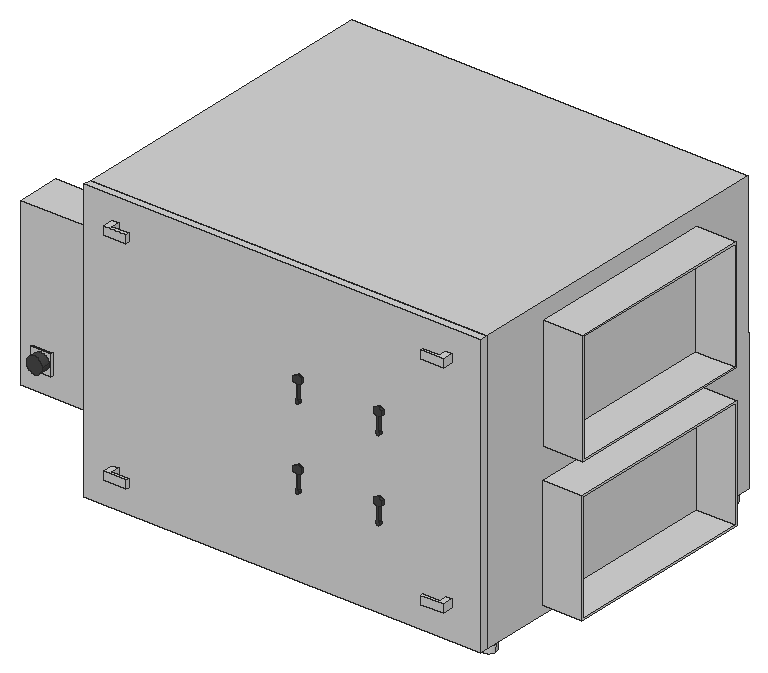
Revit family "Ventilator-RenewAire-Energy-Recovery-HE2XINH", category Mechanical Equipment, Revit 2015
Parameters (values of type "1.5 HP 120V Single Phase")
  Voltage = "120"
  Ventilation Type = "Static Plate, Heat and Humidity Transfer"
  Unit Width = "43\""
  Unit Weight = "433-619 lbs."
  Unit Length = "64-1/2\""
  Unit Height = "35-1/2\""
  Unit = Metal - RenewAire - Anodized - Gray Text
  URL = "www.renewaire.com"
  Typical Airflow Range = "500-2,200 CFM"
  Standard Features = "TEFC Premium efficiency motors, Motor starters, Non-Fused Disconnect, 24VAC Transformer/Relay Package"
  Shipping Weight = "714 lbs."
  Service Area Visibility = no
  Service Area Box = Interference - RenewAire - Smooth - Light - Gold
  Revit Object Download Link = ""
  Phase = "Single"
  Options = "Integrated programmable controls, Fused disconnect, Double wall construction, Factory supplied and mounted variable frequency drives (VFDs) – one or both airstreams, Class 1 low leakage motorized isolation dampers – OA, RA or both airstreams, Qty. 2 Factory mounted filter alarms, Exterior Paint - white, custom colors, Bypass economizer (see bypass DIM drawing) – dry bulb temperature controls (standard), enthalpy controls (option)"
  Optional Motorized Damper - FA = yes
  Optional Motorized Damper - EA = yes
  Number Motors = "Qty. 2, Belt drive blower/standard motor packages with adjustable sheaves"
  Model = "HE 2XINH"
  Minimum Circuit Amps = "34.2 A"
  Maximum Overcurrent Protection = "45 A"
  Max. Shipping Width = "47\""
  Max. Shipping Length = "70\""
  Max. Shipping Height = "40\""
  Manufacturer = "RenewAire LLC"
  Frequency = "60 HZ"
  FLA per Motor = "15.2"
  Description = "Energy Recovery Ventilator"
  Connector Base Material = Glass - With - Transparency
  Accessories = "Filters - MERV 13, 2\" (shipped loose), Digital time clock - wall mount(TC7D-W), in exterior enclosure (TC7D-E), Motion occupancy control - ceiling mount(MC-C), wall mount(MC-W), Carbon dioxide control - wall mount (CO2-W), duct mount(CO2-D), Electric duct heater – EK series (1-60 KW), Indirect gas-fired duct furnace - GH Series (50-400 MBH), installed downstream of any fans"
  AHRI 1060 Certified Core = "Two L125-G5"
Types (11): name | Voltage | Phase | Minimum Circuit Amps | Maximum Overcurrent Protection | FLA per Motor
  (no name) | "120" | "Single" | "34.2 A" | "45 A" | "15.2"
  1.5 HP 120V Single Phase | "120" | "Single" | "34.2 A" | "45 A" | "15.2"
  1.5 HP 208-230V Single Phase | "208-230" | "Single" | "18.5 A" | "25 A" | "8.2-7.6"
  1.5 HP 208-230V Three Phase | "208-230" | "Three" | "10.8 A" | "15 A" | "4.6-4.8"
  1.5 HP 460V Three Phase | "460" | "Three" | "5.4 A" | "15 A" | "2.4"
  1.5 HP 575V Three Phase | "575" | "Three" | "4.1 A" | "15 A" | "1.8"
  2.0 HP 120V Single Phase | "120" | "Single" | "45.0 A" | "60 A" | "20.0"
  2.0 HP 208-230V Single Phase | "208-230" | "Single" | "24.3 A" | "35 A" | "10.8-10.0"
  2.0 HP 208-230V Three Phase | "208-230" | "Three" | "14.9 A" | "20 A" | "6.6-5.8"
  2.0 HP 460V Three Phase | "460" | "Three" | "6.5 A" | "15 A" | "2.9"
  2.0 HP 575V Three Phase | "575" | "Three" | "5.4 A" | "15 A" | "2.4"
Reference planes (in)
  plane 1 "Center (Front/Back)": y = 0
  plane 2: z = 0
  plane 3 "Center (Left/Right)": x = 0
Forms (in)
  Extrusion 1, solid, material "Metal - RenewAire - Anodized - Gray Text" <- "Unit"
    sketch origin (0, 0, 0) x (1, 0, 0) y (0, 0, 1)
      loop
        line (-24.5625, 34.75) -> (-24.5625, 0) -> (24.5625, 0) -> (24.5625, 34.75) -> (-24.5625, 34.75)
    from 20.25 to -20.25
  Extrusion 2, solid, material "Metal - RenewAire - Anodized - Gray Text"
    sketch origin (0, 0, 0) x (1, 0, 0) y (0, 0, 1)
      loop
        line (-24.5625, 34.75) -> (-24.5625, 0) -> (24.5625, 0) -> (24.5625, 34.75) -> (-24.5625, 34.75)
    from 21.25 to 20.25
  Extrusion 3, solid, material "Metal - RenewAire - Anodized - Gray Text"
    sketch origin (0, 0, 0) x (0, 1, 0) y (0, 0, 1)
      loop
        line (-11.75, 14.982) -> (-11.75, 1.125) -> (12.25, 1.125) -> (12.25, 14.982) -> (-11.75, 14.982)
      loop
        line (-11.625, 14.857) -> (-11.625, 1.25) -> (12.125, 1.25) -> (12.125, 14.857) -> (-11.625, 14.857)
    from 29.5625 to 24.5625
  Extrusion 4, solid, material "Metal - RenewAire - Anodized - Gray Text"
    sketch origin (0, 0, 0) x (0, 1, 0) y (0, 0, 1)
      loop
        line (-11.625, 32.732) -> (-11.625, 18.732) -> (12.125, 18.732) -> (12.125, 32.732) -> (-11.625, 32.732)
      loop
        line (-11.5, 32.607) -> (-11.5, 18.857) -> (12, 18.857) -> (12, 32.607) -> (-11.5, 32.607)
    from 29.5625 to 24.5625
  Extrusion 5, solid, material "Metal - RenewAire - Anodized - Gray Text"
    sketch origin (0, 0, 0) x (0, 1, 0) y (0, 0, 1)
      loop
        line (11.25, 13) -> (-4.75, 13) -> (-4.75, 1) -> (11.25, 1) -> (11.25, 13)
      loop
        line (11.125, 12.875) -> (-4.625, 12.875) -> (-4.625, 1.125) -> (11.125, 1.125) -> (11.125, 12.875)
    from -24.5625 to -25.8125
  Extrusion 6, solid, material "Metal - RenewAire - Anodized - Gray Text"
    sketch origin (0, 0, 16.5) x (0, 1, 0) y (0, 0, 1)
      loop
        line (11.25, 13) -> (-4.75, 13) -> (-4.75, 1) -> (11.25, 1) -> (11.25, 13)
      loop
        line (11.125, 12.875) -> (-4.625, 12.875) -> (-4.625, 1.125) -> (11.125, 1.125) -> (11.125, 12.875)
    from -24.5625 to -25.8125
  Extrusion 7, solid, material "Metal - RenewAire - Anodized - Gray Text"
    sketch origin (0, 0, 0) x (1, 0, 0) y (0, 1, 0)
      loop
        line (20.3125, -21.25) -> (20.3125, -22.25) -> (18.25, -22.25) -> (18.25, -22.625) -> (21.0625, -22.625) -> (21.0625, -21.25) -> (20.3125, -21.25)
    from 4.75 to 3.75
  Extrusion 8, solid, material "Metal - RenewAire - Anodized - Gray Text"
    sketch origin (0, 0, 0) x (1, 0, 0) y (0, 1, 0)
      loop
        line (20.3125, -21.25) -> (20.3125, -22.25) -> (18.25, -22.25) -> (18.25, -22.625) -> (21.0625, -22.625) -> (21.0625, -21.25) -> (20.3125, -21.25)
    from 31 to 32
  Extrusion 9, solid, material "Metal - RenewAire - Anodized - Gray Text"
    sketch origin (0, 0, 31) x (0, 1, 0) y (-1, 0, 0)
      loop
        line (-21.25, 20.3125) -> (-21.25, 21.0625) -> (-22.625, 21.0625) -> (-22.625, 18.25) -> (-22.25, 18.25) -> (-22.25, 20.3125) -> (-21.25, 20.3125)
    from -26.25 to -27.25
  Extrusion 10, solid, material "Metal - RenewAire - Anodized - Gray Text"
    sketch origin (0, 0, 31) x (0, 1, 0) y (-1, 0, 0)
      loop
        line (-21.25, 20.3125) -> (-21.25, 21.0625) -> (-22.625, 21.0625) -> (-22.625, 18.25) -> (-22.25, 18.25) -> (-22.25, 20.3125) -> (-21.25, 20.3125)
    from 0 to 1
  Extrusion 11, solid, material "Metal - RenewAire - Anodized - Gray Text" <- "Unit"
    sketch origin (0, 0, 0) x (0, 1, 0) y (0, 0, 1)
      loop
        line (-12.75, 28) -> (-18.25, 28) -> (-18.25, 7.5) -> (-12.75, 7.5) -> (-12.75, 28)
    from -24.5625 to -34.875
  Extrusion 12, solid, material "Metal - RenewAire - Anodized - Gray Text"
    sketch origin (0, 0, 0) x (1, 0, 0) y (0, 0, 1)
      loop
        line (-33.375, 12.5) -> (-33.375, 10) -> (-30.875, 10) -> (-30.875, 12.5) -> (-33.375, 12.5)
    from 18.25 to 18.5
  Extrusion 13, solid, material "MonitorPorts"
    sketch origin (0, 0, 0) x (1, 0, 0) y (0, 0, 1)
      loop
        circle (-32.125, 11.25) r 1
    from 19.5 to 18.5
  Extrusion 14, solid, material "Interference - RenewAire - Smooth - Light - Gold" <- "Service Area Box", visible <- "Service Area Visibility"
    sketch origin (0, 0, 0) x (1, 0, 0) y (0, 0, 1)
      loop
        line (-34.875, 34.75) -> (-34.875, 0) -> (24.5625, 0) -> (24.5625, 34.75) -> (-34.875, 34.75)
    from 41.375 to 21.25
  Extrusion 15, solid, material "Metal - RenewAire - Anodized - Gray Text"
    sketch origin (0, 0, 0) x (1, 0, 0) y (0, 1, 0)
      loop
        circle (-23.9375, 18.125) r 0.875
      loop
        circle (23.9375, 18.125) r 0.875
      loop
        circle (-23.9375, -19.125) r 0.875
      loop
        circle (23.9375, -19.125) r 0.875
    from 0 to -0.75
Dimensions and locks (in)
  aligned and locked: level to plane 2
Nested families (in)
  nested 1: "Monitoring Port" at (12.0625, -21.25, 9.864), type "Monitoring Port"
  nested 2: "Monitoring Port" at (12.0625, -21.25, 19.864), type "Monitoring Port"
  nested 3: "Monitoring Port" at (2.0625, -21.25, 9.864), type "Monitoring Port"
  nested 4: "Monitoring Port" at (2.0625, -21.25, 19.864), type "Monitoring Port"
Connectors (in)
  hvac at (-24.5625, 3.25, 23.5)
    settings: on Extrusion 6, index 1, duct flow 0 CFM, flow factor 0, pres drop 0.00 in-wg, loss coef 0, conn angle 0.00°, conn width 16", conn height 12", conn diameter 24", duct sys type 3, conn prof type 1, flow config 0, flow direction 2, loss method 0, conn ref index -1, conn util no, is conn primary yes, conn desc "EA (Exhaust Air)"
  hvac at (-24.5625, 3.25, 7)
    settings: on Extrusion 5, index 2, duct flow 0 CFM, flow factor 0, pres drop 0.00 in-wg, loss coef 0, conn angle 0.00°, conn width 16", conn height 12", conn diameter 24", duct sys type 1, conn prof type 1, flow config 0, flow direction 2, loss method 0, conn ref index -1, conn util no, is conn primary no, conn desc "FA (Fresh Air)"
  hvac at (24.5625, 0.25, 8.0535)
    settings: on Extrusion 3, index 3, duct flow 0 CFM, flow factor 0, pres drop 0.00 in-wg, loss coef 0, conn angle 0.00°, conn width 24", conn height 14", conn diameter 24", duct sys type 2, conn prof type 1, flow config 0, flow direction 1, loss method 0, conn ref index -1, conn util no, is conn primary no, conn desc "RA (Room Air)"
  hvac at (24.5625, 0.25, 25.732)
    settings: on Extrusion 4, index 4, duct flow 0 CFM, flow factor 0, pres drop 0.00 in-wg, loss coef 0, conn angle 0.00°, conn width 24", conn height 14", conn diameter 24", duct sys type 4, conn prof type 1, flow config 0, flow direction 1, loss method 0, conn ref index -1, conn util no, is conn primary no, conn desc "OA (Outside Air)"
Definition of nested family "Monitoring Port"
  Parameters
    URL = "www.renewaire.com"
    Revit Object Download Link = ""
    Model = ""
    Manufacturer = "RenewAire LLC"
    Description = "Monitoring Ports"
  Reference planes (in)
    plane 1 "Center (Front/Back)": y = 0
    plane 2: z = 0
    plane 3 "Center (Left/Right)": x = 0
  Forms (in)
    Extrusion 1, solid
      sketch origin (-9.43348, 0, 37.76669) x (-1, 0, 0) y (0, 0, -1)
        loop
          line (-9.53348, 35.65895) -> (-9.94097, 35.42369) -> (-9.94097, 34.83769) -> (-9.43348, 34.54469) -> (-8.92599, 34.83769) -> (-8.92599, 35.42369) -> (-9.33348, 35.65895) -> (-9.33348, 37.28756)
          arc (-9.33348, 37.28756) -> (-9.43348, 37.76669) -> (-9.53348, 37.28756) r 0.25
          line (-9.53348, 37.28756) -> (-9.53348, 35.65895)
      from 0 to 0.25
  Dimensions and locks (in)
    aligned and locked: level to plane 2
